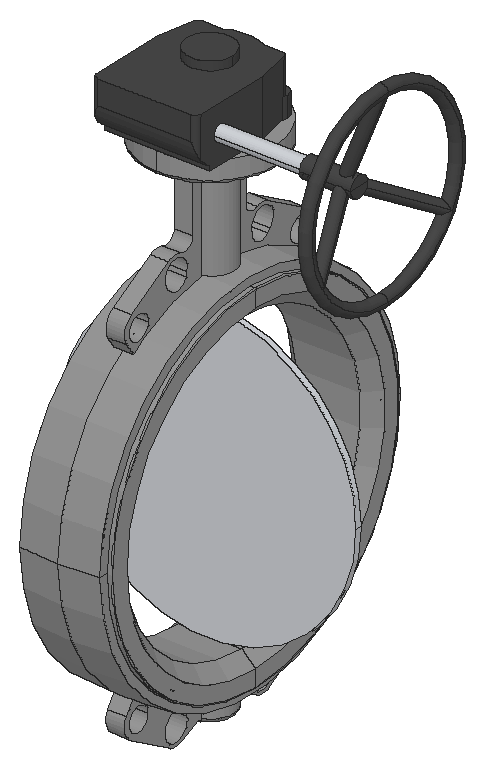
Revit family "Absperr- und Regulierklappe mit Getriebe ZF-4219", category Rohrzubehör, Revit 2021 (continued)
Automatic sketch dimensions
  Extrusion 8 sketch curve to Extrusion 8 sketch curve = 23.065 mm
  Extrusion 8 sketch curve to Extrusion 8 sketch curve = 18.283 mm
  Extrusion 8 sketch curve to Extrusion 8 sketch curve = 1.34 mm  (x2)
  Extrusion 8 sketch curve to Extrusion 8 sketch curve = 29.859 mm
  Extrusion 8 sketch curve to Extrusion 8 sketch curve = 11.576 mm
  Extrusion 8 sketch curve to Extrusion 8 sketch curve = 0.007 mm  (x2)
  Extrusion 8 sketch curve to Extrusion 8 sketch curve = 11.662 mm  (x2)
  Extrusion 8 sketch curve to Extrusion 8 sketch curve = 7.405 mm
  Extrusion 8 sketch curve to Extrusion 8 sketch curve = 9.76 mm  (x2)
  Extrusion 8 sketch curve to Extrusion 8 sketch curve = 46.144 mm
  Extrusion 8 sketch curve to Extrusion 8 sketch curve = 0.006 mm
  Extrusion 8 sketch curve to Extrusion 8 sketch curve = 0.159 mm  (x2)
  Extrusion 8 sketch curve to Extrusion 8 sketch curve = 0.225 mm  (x2)
  Extrusion 8 sketch curve to Extrusion 8 sketch curve = 3.156 mm
  Extrusion 7 sketch curve to Extrusion 7 sketch curve = 0 mm  (x29)
  Extrusion 7 sketch curve to level = 0 mm
  Extrusion 7 sketch curve to plane 1 "Mitte (Vorne/hinten)" = 0 mm
  Extrusion 7 sketch curve to Extrusion 7 sketch curve = 4.987 mm  (x2)
  plane 1 "Mitte (Vorne/hinten)" to Extrusion 7 sketch curve = 42.642 mm
  Extrusion 7 sketch curve to Extrusion 7 sketch curve = 3.28 mm  (x2)
  Extrusion 7 sketch curve to Extrusion 7 sketch curve = 14.935 mm  (x2)
  Extrusion 7 sketch curve to Extrusion 7 sketch curve = 11.589 mm  (x2)
  Extrusion 7 sketch curve to Extrusion 7 sketch curve = 14.868 mm  (x2)
  Extrusion 7 sketch curve to Extrusion 7 sketch curve = 33.628 mm  (x4)
  Extrusion 7 sketch curve to Extrusion 7 sketch curve = 3.946 mm  (x4)
  Extrusion 7 sketch curve to Extrusion 7 sketch curve = 12.021 mm  (x8)
  Extrusion 7 sketch curve to Extrusion 7 sketch curve = 8.075 mm  (x8)
  plane 1 "Mitte (Vorne/hinten)" to Extrusion 7 sketch curve = 21.03 mm
  Extrusion 7 sketch curve to Extrusion 7 sketch curve = 5.5 mm
  Extrusion 7 sketch curve to Extrusion 7 sketch curve = 0.54 mm  (x2)
  Extrusion 7 sketch curve to Extrusion 7 sketch curve = 0.103 mm
  Extrusion 7 sketch curve to Extrusion 7 sketch curve = 1.99 mm  (x2)
  plane 1 "Mitte (Vorne/hinten)" to Extrusion 7 sketch curve = 18.5 mm
  Extrusion 7 sketch curve to plane 1 "Mitte (Vorne/hinten)" = 18.5 mm  (x2)
  Extrusion 7 sketch curve to Extrusion 7 sketch curve = 1.897 mm
  Extrusion 7 sketch curve to Extrusion 7 sketch curve = 2 mm
  Extrusion 7 sketch curve to Extrusion 7 sketch curve = 21.612 mm
  Extrusion 7 sketch curve to level = 59.454 mm  (x2)
  Extrusion 7 sketch curve to Extrusion 7 sketch curve = 10.049 mm  (x4)
  Extrusion 7 sketch curve to Extrusion 7 sketch curve = 20.666 mm  (x2)
  Extrusion 7 sketch curve to Extrusion 7 sketch curve = 1.725 mm  (x2)
  Extrusion 7 sketch curve to Extrusion 7 sketch curve = 12.438 mm  (x4)
  level to Extrusion 7 sketch curve = 59.454 mm  (x2)
  Extrusion 7 sketch curve to Extrusion 7 sketch curve = 15.768 mm  (x2)
  Extrusion 7 sketch curve to Extrusion 7 sketch curve = 0.361 mm  (x2)
  Extrusion 7 sketch curve to Extrusion 7 sketch curve = 69.242 mm
  Extrusion 7 sketch curve to Extrusion 7 sketch curve = 0.014 mm
  Extrusion 7 sketch curve to Extrusion 7 sketch curve = 0.29 mm  (x2)
  Extrusion 6 sketch curve to Extrusion 6 sketch curve = 0 mm  (x31)
  Extrusion 6 sketch curve to level = 0 mm
  Extrusion 6 sketch curve to plane 1 "Mitte (Vorne/hinten)" = 0 mm
  plane 1 "Mitte (Vorne/hinten)" to Extrusion 6 sketch curve = 18.5 mm  (x2)
  Extrusion 6 sketch curve to Extrusion 6 sketch curve = 1.897 mm  (x2)
  Extrusion 6 sketch curve to Extrusion 6 sketch curve = 2 mm
  Extrusion 6 sketch curve to Extrusion 6 sketch curve = 4.154 mm  (x2)
  Extrusion 6 sketch curve to Extrusion 6 sketch curve = 5.603 mm
  Extrusion 6 sketch curve to Extrusion 6 sketch curve = 12 mm  (x2)
  Extrusion 6 sketch curve to Extrusion 6 sketch curve = 21.682 mm  (x2)
  Extrusion 6 sketch curve to Extrusion 6 sketch curve = 2.182 mm  (x2)
  Extrusion 6 sketch curve to Extrusion 6 sketch curve = 11.109 mm  (x4)
  Extrusion 6 sketch curve to Extrusion 6 sketch curve = 30.529 mm  (x4)
  Extrusion 6 sketch curve to Extrusion 6 sketch curve = 4.781 mm  (x4)
  Extrusion 6 sketch curve to Extrusion 6 sketch curve = 1.414 mm  (x8)
  Extrusion 6 sketch curve to Extrusion 6 sketch curve = 7.24 mm  (x8)
  Extrusion 6 sketch curve to Extrusion 6 sketch curve = 12.021 mm  (x8)
  Extrusion 6 sketch curve to plane 1 "Mitte (Vorne/hinten)" = 18.5 mm
  Extrusion 6 sketch curve to Extrusion 6 sketch curve = 7.5 mm
  Extrusion 6 sketch curve to Extrusion 6 sketch curve = 0.103 mm
  Extrusion 6 sketch curve to level = 50.036 mm  (x2)
  Extrusion 6 sketch curve to Extrusion 6 sketch curve = 17.112 mm  (x2)
  Extrusion 6 sketch curve to Extrusion 6 sketch curve = 9.185 mm  (x4)
  Extrusion 6 sketch curve to Extrusion 6 sketch curve = 20.608 mm  (x2)
  Extrusion 6 sketch curve to Extrusion 6 sketch curve = 12.868 mm  (x3)
  Extrusion 6 sketch curve to Extrusion 6 sketch curve = 9.096 mm  (x2)
  level to Extrusion 6 sketch curve = 50.036 mm  (x2)
  Extrusion 6 sketch curve to Extrusion 6 sketch curve = 17 mm
  Extrusion 6 sketch curve to Extrusion 6 sketch curve = 56.845 mm
  Extrusion 6 sketch curve to Extrusion 6 sketch curve = 0.017 mm
  Extrusion 6 sketch curve to Extrusion 6 sketch curve = 0.29 mm  (x2)
  Extrusion 5 sketch curve to Extrusion 5 sketch curve = 0 mm  (x25)
  Extrusion 5 sketch curve to level = 0 mm
  Extrusion 5 sketch curve to plane 1 "Mitte (Vorne/hinten)" = 0 mm
  plane 1 "Mitte (Vorne/hinten)" to Extrusion 5 sketch curve = 18.5 mm  (x2)
  Extrusion 5 sketch curve to Extrusion 5 sketch curve = 0.579 mm  (x2)
  Extrusion 5 sketch curve to Extrusion 5 sketch curve = 1.897 mm  (x2)
  Extrusion 5 sketch curve to Extrusion 5 sketch curve = 0.103 mm
  Extrusion 5 sketch curve to Extrusion 5 sketch curve = 5.603 mm
  Extrusion 5 sketch curve to Extrusion 5 sketch curve = 15.942 mm  (x4)
  Extrusion 5 sketch curve to Extrusion 5 sketch curve = 13 mm  (x2)
  Extrusion 5 sketch curve to Extrusion 5 sketch curve = 11.367 mm  (x4)
  Extrusion 5 sketch curve to Extrusion 5 sketch curve = 25.663 mm  (x4)
  Extrusion 5 sketch curve to Extrusion 5 sketch curve = 4.027 mm  (x4)
  Extrusion 5 sketch curve to Extrusion 5 sketch curve = 12.021 mm  (x5)
  Extrusion 5 sketch curve to Extrusion 5 sketch curve = 9.55 mm  (x4)
  Extrusion 5 sketch curve to Extrusion 5 sketch curve = 7.5 mm
  Extrusion 5 sketch curve to plane 1 "Mitte (Vorne/hinten)" = 18.5 mm  (x2)
  Extrusion 5 sketch curve to Extrusion 5 sketch curve = 2 mm
  Extrusion 5 sketch curve to level = 38.887 mm  (x2)
  Extrusion 5 sketch curve to Extrusion 5 sketch curve = 10.986 mm  (x3)
  Extrusion 5 sketch curve to Extrusion 5 sketch curve = 10.231 mm  (x3)
  Extrusion 5 sketch curve to Extrusion 5 sketch curve = 10.467 mm  (x4)
  Extrusion 5 sketch curve to Extrusion 5 sketch curve = 12.18 mm  (x2)
  Extrusion 5 sketch curve to Extrusion 5 sketch curve = 12.641 mm  (x4)
  Extrusion 5 sketch curve to Extrusion 5 sketch curve = 9.983 mm  (x2)
  level to Extrusion 5 sketch curve = 38.887 mm  (x2)
  Extrusion 5 sketch curve to Extrusion 5 sketch curve = 21.217 mm
  Extrusion 5 sketch curve to Extrusion 5 sketch curve = 16.969 mm  (x2)
  Extrusion 5 sketch curve to Extrusion 5 sketch curve = 51.117 mm
  Extrusion 5 sketch curve to Extrusion 5 sketch curve = 0.01 mm
  Extrusion 5 sketch curve to Extrusion 5 sketch curve = 0.29 mm  (x2)
  level to Extrusion 5 sketch curve = 49.873 mm
  Extrusion 4 sketch curve to Extrusion 4 sketch curve = 0 mm  (x28)
  Extrusion 4 sketch curve to level = 0 mm
  Extrusion 4 sketch curve to plane 1 "Mitte (Vorne/hinten)" = 0 mm
  plane 1 "Mitte (Vorne/hinten)" to Extrusion 4 sketch curve = 18.5 mm  (x2)
  Extrusion 4 sketch curve to Extrusion 4 sketch curve = 1.897 mm  (x2)
  Extrusion 4 sketch curve to Extrusion 4 sketch curve = 0.103 mm  (x2)
  Extrusion 4 sketch curve to Extrusion 4 sketch curve = 5.603 mm  (x2)
  Extrusion 4 sketch curve to Extrusion 4 sketch curve = 12.115 mm  (x4)
  Extrusion 4 sketch curve to Extrusion 4 sketch curve = 9 mm  (x2)
  Extrusion 4 sketch curve to Extrusion 4 sketch curve = 11.39 mm  (x2)
  Extrusion 4 sketch curve to Extrusion 4 sketch curve = 7.005 mm  (x2)
  Extrusion 4 sketch curve to Extrusion 4 sketch curve = 22.772 mm  (x4)
  Extrusion 4 sketch curve to Extrusion 4 sketch curve = 4.597 mm  (x4)
  Extrusion 4 sketch curve to Extrusion 4 sketch curve = 1.485 mm  (x4)
  Extrusion 4 sketch curve to Extrusion 4 sketch curve = 12.021 mm  (x4)
  Extrusion 4 sketch curve to Extrusion 4 sketch curve = 9.247 mm  (x4)
  Extrusion 4 sketch curve to plane 1 "Mitte (Vorne/hinten)" = 18.5 mm  (x2)
  Extrusion 4 sketch curve to level = 31.935 mm  (x2)
  Extrusion 4 sketch curve to Extrusion 4 sketch curve = 1.34 mm  (x4)
  Extrusion 4 sketch curve to Extrusion 4 sketch curve = 10.245 mm  (x4)
  Extrusion 4 sketch curve to Extrusion 4 sketch curve = 9.866 mm  (x4)
  Extrusion 4 sketch curve to Extrusion 4 sketch curve = 9.447 mm  (x4)
  Extrusion 4 sketch curve to Extrusion 4 sketch curve = 11.077 mm  (x4)
  Extrusion 4 sketch curve to Extrusion 4 sketch curve = 11.926 mm  (x2)
  level to Extrusion 4 sketch curve = 31.935 mm  (x2)
  Extrusion 4 sketch curve to Extrusion 4 sketch curve = 12.62 mm  (x2)
  Extrusion 4 sketch curve to Extrusion 4 sketch curve = 12.99 mm  (x2)
  Extrusion 4 sketch curve to Extrusion 4 sketch curve = 41.354 mm
  Extrusion 4 sketch curve to Extrusion 4 sketch curve = 0.018 mm
  Extrusion 4 sketch curve to Extrusion 4 sketch curve = 0.29 mm  (x2)
  Extrusion 3 sketch curve to Extrusion 3 sketch curve = 0 mm  (x23)
  Extrusion 3 sketch curve to level = 0 mm
  Extrusion 3 sketch curve to plane 1 "Mitte (Vorne/hinten)" = 0 mm
  plane 1 "Mitte (Vorne/hinten)" to Extrusion 3 sketch curve = 18 mm
  Extrusion 3 sketch curve to Extrusion 3 sketch curve = 1.897 mm  (x2)
  Extrusion 3 sketch curve to Extrusion 3 sketch curve = 0.103 mm  (x2)
  plane 1 "Mitte (Vorne/hinten)" to Extrusion 3 sketch curve = 22.391 mm
  Extrusion 3 sketch curve to Extrusion 3 sketch curve = 1.414 mm  (x14)
  Extrusion 3 sketch curve to Extrusion 3 sketch curve = 6.103 mm  (x2)
  Extrusion 3 sketch curve to Extrusion 3 sketch curve = 2 mm  (x2)
  Extrusion 3 sketch curve to Extrusion 3 sketch curve = 7.709 mm  (x4)
  Extrusion 3 sketch curve to Extrusion 3 sketch curve = 13.318 mm  (x5)
  Extrusion 3 sketch curve to Extrusion 3 sketch curve = 15.842 mm  (x5)
  Extrusion 3 sketch curve to Extrusion 3 sketch curve = 10.233 mm
  Extrusion 3 sketch curve to Extrusion 3 sketch curve = 3.184 mm  (x7)
  Extrusion 3 sketch curve to Extrusion 3 sketch curve = 6.315 mm  (x8)
  Extrusion 3 sketch curve to Extrusion 3 sketch curve = 3.021 mm  (x4)
  Extrusion 3 sketch curve to Extrusion 3 sketch curve = 5.303 mm  (x8)
  Extrusion 3 sketch curve to level = 23.805 mm  (x2)
  Extrusion 3 sketch curve to Extrusion 3 sketch curve = 3.106 mm  (x6)
  level to Extrusion 3 sketch curve = 23.805 mm  (x2)
  Extrusion 3 sketch curve to Extrusion 3 sketch curve = 6.654 mm  (x4)
  Extrusion 3 sketch curve to Extrusion 3 sketch curve = 9.77 mm  (x4)
  Extrusion 3 sketch curve to plane 1 "Mitte (Vorne/hinten)" = 18 mm
  Extrusion 3 sketch curve to plane 1 "Mitte (Vorne/hinten)" = 22.391 mm
  Extrusion 3 sketch curve to Extrusion 3 sketch curve = 5.708 mm  (x2)
  Extrusion 3 sketch curve to Extrusion 3 sketch curve = 3.131 mm
  level to Extrusion 3 sketch curve = 42.831 mm
  Extrusion 3 sketch curve to Extrusion 3 sketch curve = 4.045 mm
  Extrusion 3 sketch curve to Extrusion 3 sketch curve = 12.379 mm
  Extrusion 3 sketch curve to Extrusion 3 sketch curve = 68.43 mm
  Extrusion 3 sketch curve to Extrusion 3 sketch curve = 0.003 mm
  Extrusion 3 sketch curve to Extrusion 3 sketch curve = 0.316 mm  (x2)
  curve 12 to level = 0 mm
  curve 12 to plane 3 "Mitte (Links/rechts)" = 0 mm
  plane 1 "Mitte (Vorne/hinten)" to curve 6 = 0 mm
  curve 6 to plane 3 "Mitte (Links/rechts)" = 0 mm
  Revolve 1 sketch curve to plane 1 "Mitte (Vorne/hinten)" = 0 mm
  Revolve 1 sketch curve to Revolve 1 sketch curve = 0.987 mm
  Revolve 1 sketch curve to Revolve 1 sketch curve = 1.5 mm  (x4)
  Revolve 1 sketch curve to Revolve 1 sketch curve = 0.513 mm
  Revolve 1 sketch curve to Revolve 1 sketch curve = 0.915 mm  (x2)
  Revolve 1 sketch curve to Revolve 1 sketch curve = 1978.5 mm  (x2)
  Revolve 11 sketch curve to plane 1 "Mitte (Vorne/hinten)" = 0 mm  (x2)
  Revolve 11 sketch curve to Revolve 11 sketch curve = 3 mm
  Revolve 11 sketch curve to Revolve 11 sketch curve = 459.992 mm
  level to Revolve 11 sketch curve = 2741.474 mm
  Revolve 12 sketch curve to plane 1 "Mitte (Vorne/hinten)" = 0 mm  (x3)
  Revolve 12 sketch curve to Revolve 12 sketch curve = 1.895 mm
  Revolve 12 sketch curve to Revolve 12 sketch curve = 2 mm  (x2)
  Revolve 12 sketch curve to Revolve 12 sketch curve = 0.105 mm
  Revolve 12 sketch curve to level = 520.992 mm
  Revolve 12 sketch curve to Revolve 12 sketch curve = 2616.474 mm
  Revolve 13 sketch curve to level = 0 mm
  Revolve 13 sketch curve to Revolve 13 sketch curve = 1.492 mm
  Revolve 13 sketch curve to Revolve 13 sketch curve = 0.18 mm  (x2)
  Revolve 13 sketch curve to Revolve 13 sketch curve = 5.027 mm
  Revolve 13 sketch curve to Revolve 13 sketch curve = 1 mm
  Revolve 13 sketch curve to Revolve 13 sketch curve = 0.999 mm  (x2)
  Revolve 13 sketch curve to Revolve 13 sketch curve = 0.27 mm
  Revolve 13 sketch curve to Revolve 13 sketch curve = 0.957 mm
  Revolve 13 sketch curve to Revolve 13 sketch curve = 1328.99 mm
  Revolve 13 sketch curve to Revolve 13 sketch curve = 1875.983 mm
  Extrusion 14 sketch curve to level = 0 mm
  Extrusion 14 sketch curve to plane 3 "Mitte (Links/rechts)" = 0 mm
  radius of Extrusion 10 sketch curve = 12 mm  (x4)
  radius of Extrusion 9 sketch curve = 9.5 mm  (x4)
  radius of Extrusion 9 sketch curve = 14 mm  (x4)
  radius of Extrusion 7 sketch curve = 11.5 mm  (x4)
  radius of Extrusion 7 sketch curve = 9.5 mm  (x4)
  radius of Extrusion 6 sketch curve = 9.5 mm  (x8)
  radius of Extrusion 5 sketch curve = 9.5 mm  (x8)
  radius of Extrusion 4 sketch curve = 9.5 mm  (x8)
  radius of curve 12 = 7 mm
  radius of curve 6 = 5 mm
Nested families
  nested 1: "Herz-Logo-vorne" at (-23, 0, 197.5), type "Herz-Logo-vorne"
  nested 2: "Getriebe für Klappe DN50-DN200" at (0, 0, 125), visible <- "DN 50", type "Getriebe für Klappe DN50-DN200"
  nested 3: "Getriebe für Klappe DN50-DN200" at (0, 0, 149.5), visible <- "DN 65", type "Getriebe für Klappe DN50-DN200"
  nested 4: "Getriebe für Klappe DN50-DN200" at (0, 0, 156.5), visible <- "DN 80", type "Getriebe für Klappe DN50-DN200"
  nested 5: "Getriebe für Klappe DN50-DN200" at (0, 0, 182), visible <- "DN100", type "Getriebe für Klappe DN50-DN200"
  nested 6: "Getriebe für Klappe DN50-DN200" at (0, 0, 201), visible <- "DN125", type "Getriebe für Klappe DN50-DN200"
  nested 7: "Getriebe für Klappe DN50-DN200" at (0, 0, 214), visible <- "DN150", type "Getriebe für Klappe DN50-DN200"
  nested 8: "Getriebe für Klappe DN50-DN200" at (0, 0, 245), visible <- "DN200", type "Getriebe für Klappe DN50-DN200"
  nested 9: "Getriebe für Klappe DN250-DN300" at (0, 0, 283), visible <- "DN250", type "Getriebe für Klappe DN250-DN300"
  nested 10: "Getriebe für Klappe DN250-DN300" at (0, 0, 308), visible <- "DN300", type "Getriebe für Klappe DN250-DN300"
Connectors
  piping at (44.7, 0, 0), diameter 300, driven by "Nennweite"
    settings: on Revolve 13, index 1, connector inside diameter 609.6 mm, connector length 0 mm, flow factor 0, pipe flow 0.0 L/s, pressure drop 0.0 Pa, fitting loss kfactor 0, connector angle 0.00°, fixture units 0, engagement length 0 mm, angle of deflection 0.00°, flow configuration 0, flow direction 0, fitting loss method 0, system type 29, joint type 0, gender type 0, connector reference index -1, connector utility 0, adjustable connector no, is connector primary yes, connector description ""
  piping at (-44.7, 0, 0), diameter 300, driven by "Nennweite"
    settings: on Revolve 13, index 2, connector inside diameter 609.6 mm, connector length 0 mm, flow factor 0, pipe flow 0.0 L/s, pressure drop 0.0 Pa, fitting loss kfactor 0, connector angle 0.00°, fixture units 0, engagement length 0 mm, angle of deflection 0.00°, flow configuration 0, flow direction 0, fitting loss method 0, system type 29, joint type 0, gender type 0, connector reference index -1, connector utility 0, adjustable connector no, is connector primary no, connector description ""
Definition of nested family "Herz-Logo-vorne"
  Parameters (values of type "Herz-Logo-vorne")
    Default Elevation = 0 mm
  Reference planes
    plane 1 "Mitte (Vorne/hinten)": y = 0
    plane 2: z = 0
    plane 3 "Mitte (Links/rechts)": x = 0
  Forms (mm)
    Extrusion 1, solid
      sketch origin (0.732, -0.018, 0.017) x (0, -1, 0) y (0, 0, 1)
        loop
          line (-0.018, -4.517) -> (4.482, -4.517) -> (4.482, 4.483) -> (-4.518, 4.483) -> (-4.518, -4.517) -> (-0.018, -4.517)
        loop
          line (-0.05, -3.48) -> (3.482, -3.48) -> (3.482, 3.483) -> (-3.518, 3.483) -> (-3.518, -3.48) -> (-0.05, -3.48)
        loop
          arc (-0.018, 2.383) -> (-1.543, 3.287) -> (-3.067, 2.383) r 1.738
          arc (-3.067, 2.383) -> (-3.191, 1.899) -> (-3.067, 1.415) r 1.009
          line (-3.067, 1.415) -> (-0.018, -3.281) -> (3.032, 1.415)
          arc (3.032, 1.415) -> (3.156, 1.899) -> (3.032, 2.383) r 1.009
          arc (3.032, 2.383) -> (1.507, 3.287) -> (-0.018, 2.383) r 1.738
        loop
          arc (1.885, 1.272) -> (2.005, 1.675) -> (1.885, 2.079) r 0.74
          arc (1.885, 2.079) -> (1.265, 2.416) -> (0.644, 2.079) r 0.74
          line (0.644, 2.079) -> (-0.018, 0.97) -> (-0.679, 2.079)
          arc (-0.679, 2.079) -> (-1.3, 2.416) -> (-1.921, 2.079) r 0.74
          arc (-1.921, 2.079) -> (-2.04, 1.675) -> (-1.921, 1.272) r 0.74
          line (-1.921, 1.272) -> (-0.018, -1.658) -> (1.885, 1.272)
      from 0 to 1.5
  Dimensions and locks
    aligned and locked: level to plane 2
Definition of nested family "Getriebe für Klappe DN50-DN200"
  Parameters (values of type "Getriebe für Klappe DN50-DN200")
    W01 = 11.19°  # constant formula
    Default Elevation = 0 mm
    URL = "www.herz-armaturen.at"
    R07 = 92 mm  # constant formula
    R06 = 6 mm  # constant formula
    R05 = 10 mm  # constant formula
    R04 = 7.5 mm  # constant formula
    R03 = 10.5 mm  # constant formula
    R02 = 5.4 mm  # constant formula
    R01 = 44.9 mm  # constant formula
    M01 = 37 mm  # constant formula
    L03 = 52 mm  # constant formula
    L02 = 39.6 mm  # constant formula
    L01 = 80 mm  # constant formula
    Manufacturer = "Herz-Armaturen GmbH"  # constant formula
    H03 = 28.6 mm  # constant formula
    H02 = 20 mm  # constant formula
    H01 = 54 mm  # constant formula
    B05 = 209 mm  # constant formula
    B04 = 22 mm  # constant formula
    B03 = 50 mm  # constant formula
    B02 = 159 mm  # constant formula
    B01 = 51 mm  # constant formula
    A01 = 28.6 mm  # constant formula
  Reference planes
    plane 1 "Mitte (Vorne/hinten)": y = 0
    plane 2: z = 0
    plane 3 "Mitte (Links/rechts)": x = 0
  Forms (mm)
    Extrusion 1, solid, detail levels fine
      sketch origin (0, 0, 0) x (1, 0, 0) y (0, 1, 0)
        loop
          line (51, 0) -> (43.999, 35.392)
          arc (43.999, 35.392) -> (42.103, 38.419) -> (38.732, 39.6) r 5.4
          line (38.732, 39.6) -> (20.252, 39.6)
          arc (20.252, 39.6) -> (0, 44.427) -> (-20.252, 39.6) r 44.9
          line (-20.252, 39.6) -> (-38.732, 39.6)
          arc (-38.732, 39.6) -> (-42.103, 38.419) -> (-43.999, 35.392) r 5.4
          line (-43.999, 35.392) -> (-51, 0) -> (-51, -74.6)
          arc (-51, -74.6) -> (-49.418, -78.418) -> (-45.6, -80) r 5.4
          line (-45.6, -80) -> (45.6, -80)
          arc (45.6, -80) -> (49.418, -78.418) -> (51, -74.6) r 5.4
          line (51, -74.6) -> (51, 0)
      from 0 to 54
    Extrusion 2, solid, detail levels fine
      sketch origin (0, 0, 0) x (1, 0, 0) y (0, 1, 0)
        loop
          circle (-35.7, 37) r 10.5
        loop
          circle (35.7, 37) r 10.5
      from 0 to 20
    Extrusion 3, void
      sketch origin (0, 0, 0) x (0, 1, 0) y (0, 0, 1)
        loop
          line (-80, 0) -> (-64.573, 0) -> (-64.573, 4.9)
          arc (-64.573, 4.9) -> (-75.841, 15.433) -> (-80, 30.286) r 28.6
          line (-80, 30.286) -> (-80, 0)
      from -51 to 51
    Revolve 4, solid, detail levels fine
      sketch origin (0, 0, 28.6) x (1, 0, 0) y (0, 1, 0)
        loop
          line (0, -52) -> (0, -59.5) -> (159, -59.5) -> (159, -52) -> (0, -52)
        axis (0, -52) -> (159, -52)
      angle from 0 to 360
    Extrusion 5, solid, detail levels fine
      sketch origin (0, 0, 0) x (1, 0, 0) y (0, 1, 0)
        loop
          circle (0, 0) r 22.3
      from 54 to 63
    Revolve 6, solid, detail levels fine
      sketch origin (0, -52, 28.6) x (1, 0, 0) y (0, 0, 1)
        loop
          circle (209, 92) r 6
        axis (203, 0) -> (215, 0)
      angle from 0 to 360
    Revolve 7, solid, detail levels fine
      sketch origin (0, -52, 0) x (1, 0, 0) y (0, 0, 1)
        loop
          line (209, 120.6) -> (172, 28.6) -> (177.567, 26.361) -> (214.567, 118.361) -> (209, 120.6)
        axis (172, 28.6) -> (209, 120.6)
      angle from 0 to 360
    Revolve 8, solid, detail levels fine
      sketch origin (0, 0, 28.6) x (1, 0, 0) y (0, 1, 0)
        loop
          line (137, -59.5) -> (137, -62) -> (187, -62) -> (187, -52) -> (159, -52) -> (159, -59.5) -> (137, -59.5)
        axis (137, -52) -> (187, -52)
      angle from 0 to 360
    Revolve 9, solid, detail levels fine
      sketch origin (0, -27.232, 42.9) x (1, 0, 0) y (0, -0.866025, -0.5)
        loop
          line (209, 120.6) -> (172, 28.6) -> (177.567, 26.361) -> (214.567, 118.361) -> (209, 120.6)
        axis (172, 28.6) -> (209, 120.6)
      angle from 0 to 360
    Revolve 10, solid, detail levels fine
      sketch origin (0, -76.768, 42.9) x (1, 0, 0) y (0, 0.866025, -0.5)
        loop
          line (209, 120.6) -> (172, 28.6) -> (177.567, 26.361) -> (214.567, 118.361) -> (209, 120.6)
        axis (172, 28.6) -> (209, 120.6)
      angle from 0 to 360
  Cuts and joins
    Extrusion 3 cuts Extrusion 1
  Dimensions and locks
    "B01": Extrusion 1 sketch curve to plane 3 "Mitte (Links/rechts)"
    "B01": plane 3 "Mitte (Links/rechts)" to Extrusion 1 sketch curve
    "L02": plane 1 "Mitte (Vorne/hinten)" to Extrusion 1 sketch curve  (x2)
    "L01": Extrusion 1 sketch curve to plane 1 "Mitte (Vorne/hinten)"
    "M01": plane 1 "Mitte (Vorne/hinten)" to Extrusion 2 sketch curve  (x2)
    "H01": Extrusion 1 to plane 2
    "H02": Extrusion 2 to plane 2
    "L03": Revolve 4 sketch curve to plane 1 "Mitte (Vorne/hinten)"
    "R04": Revolve 4 sketch curve to Revolve 4 sketch curve
    "B02": Revolve 4 sketch curve to Revolve 4 sketch curve
    "H03": Revolve 8 to plane 2
    "H03": Revolve 4 to plane 2
    "L03": Revolve 8 sketch curve to plane 1 "Mitte (Vorne/hinten)"
    "B02": plane 3 "Mitte (Links/rechts)" to Revolve 8 sketch curve
    "R05": Revolve 8 sketch curve to Revolve 8 sketch curve
    "B03": Revolve 8 sketch curve to Revolve 8 sketch curve
    "B04": Revolve 8 sketch curve to Revolve 8 sketch curve
    "R04": Revolve 8 sketch curve to Revolve 8 sketch curve
    "B05": Revolve 6 sketch curve to plane 3 "Mitte (Links/rechts)"
    "R07": Revolve 6 sketch curve to Revolve 6 sketch curve
    "A01": plane 2 to Revolve 6 sketch curve
    "R02": radius of Extrusion 1 sketch curve  (x4)
    "R01": radius of Extrusion 1 sketch curve
    "R03": radius of Extrusion 2 sketch curve  (x2)
    "R06": radius of Revolve 6 sketch curve
    "W01": angle Extrusion 1 sketch curve to Extrusion 1 sketch curve  (x2)
    aligned and locked: level to plane 2
  Automatic sketch dimensions
    Extrusion 3 sketch curve to level = 0 mm
    plane 1 "Mitte (Vorne/hinten)" to Extrusion 3 sketch curve = 80 mm
    Extrusion 3 sketch curve to Extrusion 3 sketch curve = 15.427 mm
    Extrusion 3 sketch curve to Extrusion 3 sketch curve = 13.173 mm
    level to Extrusion 3 sketch curve = 4.9 mm
    plane 1 "Mitte (Vorne/hinten)" to Extrusion 5 sketch curve = 0 mm
    Extrusion 5 sketch curve to plane 3 "Mitte (Links/rechts)" = 0 mm
    level to Revolve 7 sketch curve = 28.6 mm  (x2)
    plane 3 "Mitte (Links/rechts)" to Revolve 7 sketch curve = 172 mm
    level to Revolve 7 sketch curve = 26.361 mm
    Revolve 7 sketch curve to Revolve 7 sketch curve = 5.567 mm
    level to Revolve 7 sketch curve = 120.6 mm
    Revolve 7 sketch curve to Revolve 7 sketch curve = 0 mm  (x3)
    plane 3 "Mitte (Links/rechts)" to Revolve 10 sketch curve = 172 mm
    Revolve 10 sketch curve to Revolve 10 sketch curve = 5.567 mm
    Revolve 10 sketch curve to Revolve 10 sketch curve = 37 mm
    Revolve 10 sketch curve to Revolve 10 sketch curve = 2.239 mm
    Revolve 10 sketch curve to Revolve 10 sketch curve = 0 mm  (x4)
    plane 3 "Mitte (Links/rechts)" to Revolve 9 sketch curve = 172 mm
    Revolve 9 sketch curve to Revolve 9 sketch curve = 5.567 mm
    Revolve 9 sketch curve to Revolve 9 sketch curve = 37 mm
    Revolve 9 sketch curve to Revolve 9 sketch curve = 2.239 mm
    Revolve 9 sketch curve to Revolve 9 sketch curve = 0 mm  (x4)
    Extrusion 1 sketch curve to plane 3 "Mitte (Links/rechts)" = 0 mm
    plane 1 "Mitte (Vorne/hinten)" to Extrusion 1 sketch curve = 0 mm  (x2)
    Extrusion 1 sketch curve to plane 1 "Mitte (Vorne/hinten)" = 35.392 mm
    Extrusion 1 sketch curve to Extrusion 1 sketch curve = 18.48 mm  (x2)
    Extrusion 2 sketch curve to plane 3 "Mitte (Links/rechts)" = 35.7 mm
    plane 3 "Mitte (Links/rechts)" to Extrusion 2 sketch curve = 35.7 mm
    Revolve 4 sketch curve to plane 3 "Mitte (Links/rechts)" = 0 mm  (x2)
    Revolve 4 sketch curve to Revolve 4 sketch curve = 0 mm  (x2)
    Revolve 6 sketch curve to plane 3 "Mitte (Links/rechts)" = 1506.53 mm
    Revolve 6 sketch curve to Revolve 6 sketch curve = 1630.148 mm
    Revolve 8 sketch curve to Revolve 8 sketch curve = 7.5 mm
    Revolve 8 sketch curve to Revolve 8 sketch curve = 0 mm  (x2)
    radius of Extrusion 5 sketch curve = 22.3 mm
Definition of nested family "Getriebe für Klappe DN250-DN300"
  Parameters (values of type "Getriebe für Klappe DN250-DN300")
    W01 = 11.19°  # constant formula
    Default Elevation = 0 mm
    URL = "www.herz-armaturen.at"
    R07 = 92 mm  # constant formula
    R06 = 6 mm  # constant formula
    R05 = 10 mm  # constant formula
    R04 = 7.5 mm  # constant formula
    R03 = 10.5 mm  # constant formula
    R02 = 5.4 mm  # constant formula
    R01 = 44.9 mm  # constant formula
    M01 = 37 mm  # constant formula
    L03 = 52 mm  # constant formula
    L02 = 39.6 mm  # constant formula
    L01 = 80 mm  # constant formula
    Manufacturer = "Herz-Armaturen GmbH"  # constant formula
    H03 = 28.6 mm  # constant formula
    H02 = 20 mm  # constant formula
    H01 = 54 mm  # constant formula
    B05 = 209 mm  # constant formula
    B04 = 22 mm  # constant formula
    B03 = 50 mm  # constant formula
    B02 = 159 mm  # constant formula
    B01 = 51 mm  # constant formula
    A01 = 28.6 mm  # constant formula
  Reference planes
    plane 1 "Mitte (Vorne/hinten)": y = 0
    plane 2: z = 0
    plane 3 "Mitte (Links/rechts)": x = 0
  Forms (mm)
    Extrusion 1, solid, detail levels fine
      sketch origin (0, 0, 0) x (1, 0, 0) y (0, 1, 0)
        loop
          line (51, 0) -> (43.999, 35.392)
          arc (43.999, 35.392) -> (42.103, 38.419) -> (38.732, 39.6) r 5.4
          line (38.732, 39.6) -> (20.252, 39.6)
          arc (20.252, 39.6) -> (0, 44.427) -> (-20.252, 39.6) r 44.9
          line (-20.252, 39.6) -> (-38.732, 39.6)
          arc (-38.732, 39.6) -> (-42.103, 38.419) -> (-43.999, 35.392) r 5.4
          line (-43.999, 35.392) -> (-51, 0) -> (-51, -74.6)
          arc (-51, -74.6) -> (-49.418, -78.418) -> (-45.6, -80) r 5.4
          line (-45.6, -80) -> (45.6, -80)
          arc (45.6, -80) -> (49.418, -78.418) -> (51, -74.6) r 5.4
          line (51, -74.6) -> (51, 0)
      from 0 to 54
    Extrusion 2, solid, detail levels fine
      sketch origin (0, 0, 0) x (1, 0, 0) y (0, 1, 0)
        loop
          circle (-35.7, 37) r 10.5
        loop
          circle (35.7, 37) r 10.5
      from 0 to 20
    Extrusion 3, void
      sketch origin (0, 0, 0) x (0, 1, 0) y (0, 0, 1)
        loop
          line (-80, 0) -> (-64.573, 0) -> (-64.573, 4.9)
          arc (-64.573, 4.9) -> (-75.841, 15.433) -> (-80, 30.286) r 28.6
          line (-80, 30.286) -> (-80, 0)
      from -51 to 51
    Revolve 4, solid, detail levels fine
      sketch origin (0, 0, 28.6) x (1, 0, 0) y (0, 1, 0)
        loop
          line (0, -52) -> (0, -59.5) -> (159, -59.5) -> (159, -52) -> (0, -52)
        axis (0, -52) -> (159, -52)
      angle from 0 to 360
    Extrusion 5, solid, detail levels fine
      sketch origin (0, 0, 0) x (1, 0, 0) y (0, 1, 0)
        loop
          circle (0, 0) r 22.3
      from 54 to 62.5
    Revolve 6, solid, detail levels fine
      sketch origin (0, -52, 28.6) x (1, 0, 0) y (0, 0, 1)
        loop
          circle (209, 92) r 6
        axis (203, 0) -> (215, 0)
      angle from 0 to 360
    Revolve 7, solid, detail levels fine
      sketch origin (0, -52, 0) x (1, 0, 0) y (0, 0, 1)
        loop
          line (209, 120.6) -> (172, 28.6) -> (177.567, 26.361) -> (214.567, 118.361) -> (209, 120.6)
        axis (172, 28.6) -> (209, 120.6)
      angle from 0 to 360
    Revolve 8, solid, detail levels fine
      sketch origin (0, 0, 28.6) x (1, 0, 0) y (0, 1, 0)
        loop
          line (137, -59.5) -> (137, -62) -> (187, -62) -> (187, -52) -> (159, -52) -> (159, -59.5) -> (137, -59.5)
        axis (137, -52) -> (187, -52)
      angle from 0 to 360
    Revolve 9, solid, detail levels fine
      sketch origin (0, -27.232, 42.9) x (1, 0, 0) y (0, -0.866025, -0.5)
        loop
          line (209, 120.6) -> (172, 28.6) -> (177.567, 26.361) -> (214.567, 118.361) -> (209, 120.6)
        axis (172, 28.6) -> (209, 120.6)
      angle from 0 to 360
    Revolve 10, solid, detail levels fine
      sketch origin (0, -76.768, 42.9) x (1, 0, 0) y (0, 0.866025, -0.5)
        loop
          line (209, 120.6) -> (172, 28.6) -> (177.567, 26.361) -> (214.567, 118.361) -> (209, 120.6)
        axis (172, 28.6) -> (209, 120.6)
      angle from 0 to 360
  Cuts and joins
    Extrusion 3 cuts Extrusion 1
  Dimensions and locks
    "B01": Extrusion 1 sketch curve to plane 3 "Mitte (Links/rechts)"
    "B01": plane 3 "Mitte (Links/rechts)" to Extrusion 1 sketch curve
    "L02": plane 1 "Mitte (Vorne/hinten)" to Extrusion 1 sketch curve  (x2)
    "L01": Extrusion 1 sketch curve to plane 1 "Mitte (Vorne/hinten)"
    "M01": plane 1 "Mitte (Vorne/hinten)" to Extrusion 2 sketch curve  (x2)
    "H01": Extrusion 1 to plane 2
    "H02": Extrusion 2 to plane 2
    "L03": Revolve 4 sketch curve to plane 1 "Mitte (Vorne/hinten)"
    "R04": Revolve 4 sketch curve to Revolve 4 sketch curve
    "B02": Revolve 4 sketch curve to Revolve 4 sketch curve
    "H03": Revolve 8 to plane 2
    "H03": Revolve 4 to plane 2
    "L03": Revolve 8 sketch curve to plane 1 "Mitte (Vorne/hinten)"
    "B02": plane 3 "Mitte (Links/rechts)" to Revolve 8 sketch curve
    "R05": Revolve 8 sketch curve to Revolve 8 sketch curve
    "B03": Revolve 8 sketch curve to Revolve 8 sketch curve
    "B04": Revolve 8 sketch curve to Revolve 8 sketch curve
    "R04": Revolve 8 sketch curve to Revolve 8 sketch curve
    "B05": Revolve 6 sketch curve to plane 3 "Mitte (Links/rechts)"
    "R07": Revolve 6 sketch curve to Revolve 6 sketch curve
    "A01": plane 2 to Revolve 6 sketch curve
    "R02": radius of Extrusion 1 sketch curve  (x4)
    "R01": radius of Extrusion 1 sketch curve
    "R03": radius of Extrusion 2 sketch curve  (x2)
    "R06": radius of Revolve 6 sketch curve
    "W01": angle Extrusion 1 sketch curve to Extrusion 1 sketch curve  (x2)
    aligned and locked: level to plane 2
  Automatic sketch dimensions
    Extrusion 3 sketch curve to level = 0 mm
    plane 1 "Mitte (Vorne/hinten)" to Extrusion 3 sketch curve = 80 mm
    Extrusion 3 sketch curve to Extrusion 3 sketch curve = 15.427 mm
    Extrusion 3 sketch curve to Extrusion 3 sketch curve = 13.173 mm
    level to Extrusion 3 sketch curve = 4.9 mm
    plane 1 "Mitte (Vorne/hinten)" to Extrusion 5 sketch curve = 0 mm
    Extrusion 5 sketch curve to plane 3 "Mitte (Links/rechts)" = 0 mm
    level to Revolve 7 sketch curve = 28.6 mm  (x2)
    plane 3 "Mitte (Links/rechts)" to Revolve 7 sketch curve = 172 mm
    level to Revolve 7 sketch curve = 26.361 mm
    Revolve 7 sketch curve to Revolve 7 sketch curve = 5.567 mm
    level to Revolve 7 sketch curve = 120.6 mm
    Revolve 7 sketch curve to Revolve 7 sketch curve = 0 mm  (x3)
    plane 3 "Mitte (Links/rechts)" to Revolve 10 sketch curve = 172 mm
    Revolve 10 sketch curve to Revolve 10 sketch curve = 5.567 mm
    Revolve 10 sketch curve to Revolve 10 sketch curve = 37 mm
    Revolve 10 sketch curve to Revolve 10 sketch curve = 2.239 mm
    Revolve 10 sketch curve to Revolve 10 sketch curve = 0 mm  (x4)
    plane 3 "Mitte (Links/rechts)" to Revolve 9 sketch curve = 172 mm
    Revolve 9 sketch curve to Revolve 9 sketch curve = 5.567 mm
    Revolve 9 sketch curve to Revolve 9 sketch curve = 37 mm
    Revolve 9 sketch curve to Revolve 9 sketch curve = 2.239 mm
    Revolve 9 sketch curve to Revolve 9 sketch curve = 0 mm  (x4)
    Extrusion 1 sketch curve to plane 3 "Mitte (Links/rechts)" = 0 mm
    plane 1 "Mitte (Vorne/hinten)" to Extrusion 1 sketch curve = 0 mm  (x2)
    Extrusion 1 sketch curve to plane 1 "Mitte (Vorne/hinten)" = 35.392 mm
    Extrusion 1 sketch curve to Extrusion 1 sketch curve = 18.48 mm  (x2)
    Extrusion 2 sketch curve to plane 3 "Mitte (Links/rechts)" = 35.7 mm
    plane 3 "Mitte (Links/rechts)" to Extrusion 2 sketch curve = 35.7 mm
    Revolve 4 sketch curve to plane 3 "Mitte (Links/rechts)" = 0 mm  (x2)
    Revolve 4 sketch curve to Revolve 4 sketch curve = 0 mm  (x2)
    Revolve 6 sketch curve to plane 3 "Mitte (Links/rechts)" = 1506.53 mm
    Revolve 6 sketch curve to Revolve 6 sketch curve = 1630.148 mm
    Revolve 8 sketch curve to Revolve 8 sketch curve = 7.5 mm
    Revolve 8 sketch curve to Revolve 8 sketch curve = 0 mm  (x2)
    radius of Extrusion 5 sketch curve = 22.3 mm
